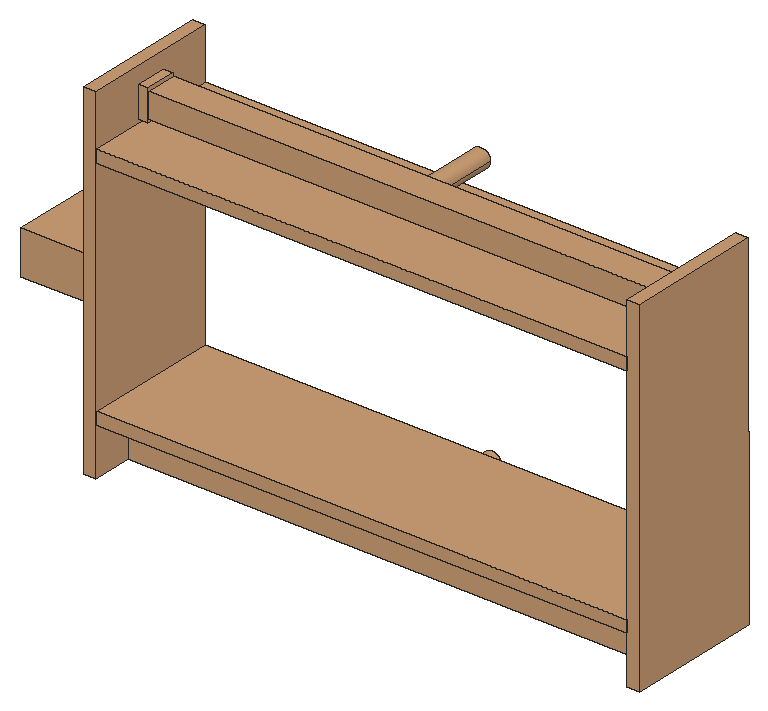
Revit family
Parameters
  Center Of Unit = 0' - 0"  # constant formula
  Water Pressure Drop [instance] = 0.00 psi
  Water Flow [instance] = 0 GPM
  Unit Weight (lbs) = 701
  URL = "http://www.ljwing.com/"
  Water Outlet Radius = 0' - 1 1/2"
  Water Outlet Odd sizes = 0' - 0"
  Total Heating Capacity [instance] = 0.0 Btu/h
  Temperature Rise [instance] = 0 °F
  Series = "VIFB"
  Outlet Area = 21.40 SF
  Number of Rows = 1  # constant formula
  Number of Coils [instance] = 0
  Nominal Length = 7' - 5 3/4"
  Model = "VB-8"
  Manufacturer = "LJ Wing"
  Leaving Water Temperature [instance] = 0 °F
  Leaving Air Temperature [instance] = 0 °F
  Face Velocity (FPM) [instance] = 0
  Entering Water Temperature [instance] = 0 °F
  Entering Air Temperature [instance] = 0 °F
  Description = "Vertical Integral Face & Bypass Water Heating Coils"
  Hot Water Odd Sizes = 0' - 0"
  Hot Water Inlet Offset = 0' - 4 3/8"  # constant formula
  Hot Water Inlet  Radius = 0' - 1 1/2"
  Coil Face Area = Outlet Area * 0.56  # 11.984 SF
  Casing Material = ""
  Assembly Code = "D3020300"
  Air Pressure Drop [instance] = 0.00 in-wg
  Air Inlet Width = Nominal Length - 0' 4"  # 7' - 1 3/4"
  Air Inlet Height = Y  # 3' - 0"
  Air Flow [instance] = 0 CFM
  Z = 0' - 2 1/8"
  Y = 3' - 0"
  S = 0' - 9 3/4"
  Product URL = "http://www.ljwing.com/html/vifb.asp"
  OmniClass = "23-75 70 21 14"
  Nominal Height = 4' - 8"
  Nominal Depth = 1' - 10"
  R = 0' - 10 1/4"
  Q = 0' - 2 7/8"
  P = 0' - 5 1/8"
  L = 0' - 5 15/16"
Reference planes (in)
  plane 1 "Center (Front/Back)": y = 0
  plane 2: z = -18
  plane 3 "Center (Left/Right)": x = 0
  plane 4: z = 28.25
  plane 5: x = -44.875
  plane 6: x = 44.875
  plane 7: z = -27.75
  plane 8: z = 0
  plane 9: y = -11
  plane 10: y = 11
  plane 11: z = 18
  plane 12: z = 20
  plane 13: z = -20
  plane 14: x = 42.875
  plane 15: x = -42.875
  plane 16: z = 23.125
  plane 17: z = -21.8125
  plane 18: x = -42
  plane 19: x = 42
  plane 20: y = 13.125
  plane 21: y = 15.375
  plane 22: x = -55.875
  plane 23: x = 0
  plane 24: x = 0
  plane 25: z = 25.125
  plane 26: z = 21.125
  plane 27: y = -2.5
  plane 28: y = 2.5
  plane 29: y = -4.5
Forms (in)
  Extrusion 1, solid, material "Painted Finish"
    sketch origin (0, 6, -9.75) x (1, 0, 0) y (0, 0, 1)
      loop
        line (-44.875, -18) -> (-42.875, -18) -> (-42.875, 38) -> (-44.875, 38) -> (-44.875, -18)
      loop
        line (44.875, -18) -> (44.875, 38) -> (42.875, 38) -> (42.875, -18) -> (44.875, -18)
    from -5 to 17
  Extrusion 2, solid, material "Painted Finish"
    sketch origin (0, 6, 0) x (1, 0, 0) y (0, 0, 1)
      loop
        line (42.875, -18) -> (-42.875, -18) -> (-42.875, -20) -> (42.875, -20) -> (42.875, -18)
      loop
        line (42.875, 18) -> (42.875, 20) -> (-42.875, 20) -> (-42.875, 18) -> (42.875, 18)
    from -5 to 17
  Extrusion 3, solid, material "Painted Finish"
    sketch origin (0, 10, -0.5) x (1, 0, 0) y (0, 0, 1)
      loop
        line (-44.875, 4) -> (-55.875, 4) -> (-55.875, -3) -> (-44.875, -3) -> (-44.875, 4)
    from 0 to 20
  Extrusion 4, solid, material "Painted Finish"
    sketch origin (0, 6, 0) x (1, 0, 0) y (0, 0, 1)
      loop
        line (-41.25, 25.125) -> (-41.25, 21.125) -> (41.25, 21.125) -> (41.25, 25.125) -> (-41.25, 25.125)
    from 3.5 to 8.5
  Extrusion 5, solid, material "Painted Finish"
    sketch origin (0, 0, 0) x (1, 0, 0) y (0, 0, 1)
      loop
        line (-41.25, 20.625) -> (-41.25, 25.625) -> (-42.875, 25.625) -> (-42.875, 20.625) -> (-41.25, 20.625)
      loop
        line (42.875, 20.625) -> (42.875, 25.625) -> (41.25, 25.625) -> (41.25, 20.625) -> (42.875, 20.625)
    from -2.5 to 2.5
  Extrusion 6, solid, material "Painted Finish"
    sketch origin (0, 23, 0) x (1, 0, 0) y (0, 0, 1)
      loop
        circle (0, 23.125) r 1.5
    from 9.875 to 20.5
  Extrusion 7, solid, material "Painted Finish"
    sketch origin (0, 6, 0) x (1, 0, 0) y (0, 0, 1)
      loop
        line (-42.875, -20) -> (-42.875, -27.75) -> (42.875, -27.75) -> (42.875, -20) -> (-42.875, -20)
    from -5 to 10.5
  Extrusion 8, solid, material "Painted Finish"
    sketch origin (0, 23, 0) x (1, 0, 0) y (0, 0, 1)
      loop
        circle (0, -21.8125) r 1.5
    from 7.625 to 12
  Extrusion 9, void
    sketch origin (0, 0, 0) x (1, 0, 0) y (0, 0, 1)
      loop
        line (-42.875, 18) -> (-42.875, -18) -> (42.875, -18) -> (42.875, 18) -> (-42.875, 18)
    from -11 to 11
Cuts and joins
  Extrusion 9 cuts Extrusion 1
  Extrusion 9 cuts Extrusion 2
Dimensions and locks (in)
  "Nominal Length": plane 6 to plane 5
  equal spacing: plane 6, plane 3 "Center (Left/Right)", plane 5
  "S": plane 2 to plane 7
  "Nominal Depth": plane 10 to plane 9
  equal spacing: plane 10, plane 1 "Center (Front/Back)", plane 9
  "Y": plane 11 to plane 2
  "R": plane 4 to plane 11
  locked: plane 12 to plane 11 at 2
  locked: plane 2 to plane 13 at 2
  "P": plane 4 to plane 16
  "L": plane 17 to plane 7
  "Q": plane 18 to plane 5
  "Q": plane 6 to plane 19
  "Z": plane 20 to plane 10
  "Hot Water Inlet Offset": plane 21 to plane 10
  locked: plane 5 to plane 22 at 11
  locked: Extrusion 3 sketch curve to Extrusion 3 sketch curve at 7
  locked: Extrusion 3 to Extrusion 3 at 20
  locked: plane 6 to plane 14 at 2
  locked: plane 15 to plane 5 at 2
  "Water Outlet Odd sizes": plane 23 to plane 3 "Center (Left/Right)"
  "Hot Water Odd Sizes": plane 3 "Center (Left/Right)" to plane 24
  equal spacing: plane 25, plane 16, plane 26
  locked: Extrusion 5 sketch curve to plane 25 at 0.5
  locked: plane 26 to Extrusion 5 sketch curve at 0.5
  locked: Extrusion 6 sketch curve to plane 16 at 0
  locked: Extrusion 6 sketch curve to plane 23 at 0
  locked: Extrusion 8 sketch curve to plane 17 at 0
  locked: Extrusion 8 sketch curve to plane 24 at 0
  locked: plane 25 to plane 26 at 4
  locked: plane 28 to plane 27 at 5
  equal spacing: plane 28, plane 1 "Center (Front/Back)", plane 27
  locked: plane 27 to plane 29 at 2
  plane 4 to plane 7 = 4' - 8"
  locked: Extrusion 5 sketch curve to Extrusion 1 at 1.625
  locked: Extrusion 5 sketch curve to Extrusion 5 sketch curve at 1.625
  locked: Extrusion 9 sketch curve to plane 11 at 0
  locked: Extrusion 9 sketch curve to plane 15 at 0
  locked: Extrusion 9 sketch curve to plane 14 at 0
  locked: Extrusion 9 sketch curve to plane 2 at 0
  equal spacing: plane 11, plane 8, plane 2
  "Water Outlet Radius": radius of Extrusion 6 sketch curve
  "Hot Water Inlet  Radius": radius of Extrusion 8 sketch curve
  aligned and locked: Extrusion 1 to plane 9
  aligned and locked: Extrusion 1 to plane 10
  aligned and locked: plane 15 to Extrusion 1
  aligned and locked: Extrusion 1 to plane 14
  aligned and locked: plane 9 to Extrusion 2
  aligned and locked: plane 9 to Extrusion 1
  aligned and locked: plane 10 to Extrusion 1  (x2)
  aligned and locked: Extrusion 2 to plane 10
  aligned and locked: plane 10 to Extrusion 2  (x2)
  aligned and locked: Extrusion 2 to plane 9  (x2)
  aligned and locked: plane 5 to Extrusion 3
  aligned and locked: Extrusion 5 sketch curve to plane 15
  aligned and locked: Extrusion 5 sketch curve to Extrusion 4
  aligned and locked: Extrusion 6 to plane 20
  aligned and locked: Extrusion 1 to Extrusion 7
  aligned and locked: plane 10 to Extrusion 8
  aligned and locked: Extrusion 8 to plane 21  (x2)
  aligned and locked: plane 27 to Extrusion 5
  aligned and locked: Extrusion 5 to Extrusion 4  (x2)
  aligned and locked: Extrusion 5 to plane 28
  aligned and locked: Extrusion 6 to Extrusion 4
  aligned and locked: Extrusion 7 to plane 29  (x2)
  aligned and locked: Extrusion 8 to Extrusion 7
  aligned and locked: Extrusion 4 to Extrusion 5  (x2)
  aligned and locked: Extrusion 5 to Extrusion 1  (x2)
  aligned and locked: plane 2 to Extrusion 2
  aligned and locked: plane 6 to Extrusion 1 sketch curve
  aligned and locked: plane 14 to Extrusion 1 sketch curve
  aligned and locked: Extrusion 1 sketch curve to plane 15
  aligned and locked: Extrusion 1 sketch curve to plane 5
  aligned and locked: plane 7 to Extrusion 1 sketch curve  (x2)
  aligned and locked: Extrusion 1 sketch curve to plane 4  (x2)
  aligned and locked: Extrusion 2 sketch curve to plane 11
  aligned and locked: Extrusion 2 sketch curve to plane 12
  aligned and locked: Extrusion 2 sketch curve to plane 14  (x2)
  aligned and locked: Extrusion 2 sketch curve to plane 15  (x2)
  aligned and locked: Extrusion 2 sketch curve to plane 13
  aligned and locked: plane 2 to Extrusion 2 sketch curve
  aligned and locked: plane 13 to Extrusion 7 sketch curve
  aligned and locked: Extrusion 7 sketch curve to plane 7
  aligned and locked: Extrusion 7 sketch curve to plane 14
  aligned and locked: plane 15 to Extrusion 7 sketch curve
  aligned and locked: cut or joined group of Extrusion 1, Extrusion 9 to plane 10
Automatic sketch dimensions
  Extrusion 3 sketch curve to plane 22 = 0' - 0"
  Extrusion 3 sketch curve to plane 5 = 0' - 0"
  plane 8 to Extrusion 3 sketch curve = 0' - 3 1/2"
  Extrusion 4 sketch curve to plane 25 = 0' - 0"
  Extrusion 4 sketch curve to plane 26 = 0' - 0"
  plane 18 to Extrusion 4 sketch curve = 0' - 0 3/4"
  Extrusion 4 sketch curve to plane 19 = 0' - 0 3/4"
  plane 26 to Extrusion 5 sketch curve = 0' - 0 1/2"
  Extrusion 5 sketch curve to plane 25 = 0' - 0 1/2"
Connectors (in)
  hvac at (0, -11, 0), driven by "Air Inlet Height", driven by "Air Inlet Width", driven by "Air Flow", driven by "Air Pressure Drop"
    settings: on Extrusion 9, index 1
  hvac at (0, 11, 0), driven by "Air Pressure Drop", driven by "Air Inlet Height", driven by "Air Inlet Width", driven by "Air Flow"
    settings: on Extrusion 9, index 2
  piping at (0, 13.125, 23.125), driven by "Water Flow", driven by "Water Outlet Radius", driven by "Water Pressure Drop"
    settings: on Extrusion 6, index 3
  piping at (0, 15.375, -21.8125), driven by "Water Flow", driven by "Water Pressure Drop", driven by "Hot Water Inlet  Radius"
    settings: on Extrusion 8, index 4
